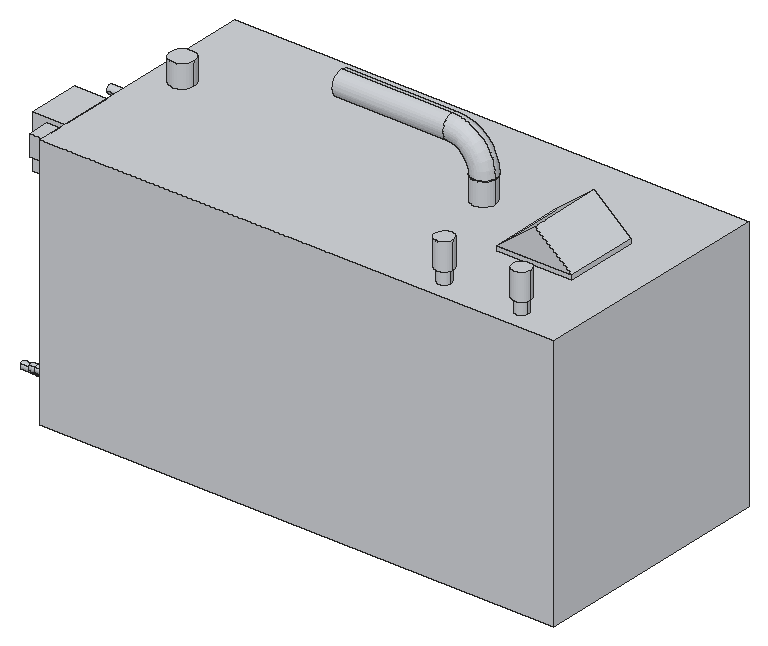
Revit family "AMP_BFIT 3500-4000 Water Heater Dual Fuel 1", category Mechanical Equipment, Revit 2021
Family settings
  Round Connector Dimension = Use Diameter
  Part Type = Normal
  OmniClass Number = 23.75.00.00
  OmniClass Title = Climate Control (HVAC)
  Work Plane-Based = No
  Always vertical = Yes
  Cut with Voids When Loaded = No
  Shared = No
  Room Calculation Point = No
Parameters (values of type "AMP/BFIT 3500-4000 Water Heater Dual Fuel")
  Width = 46"
  Length = 97 1/8"
  Height = 48 3/8"
  Voltage = ""
  Vent = "12\" EZ Vent"
  Manufacturer = "Bryan Steam"  # constant formula
  Hydronic Supply = "4\" Victaulic"
  Hydronic Return = "4\" Victaulic"
  Gas Train (Propane) = "2\" NPT"
  Gas Train (Natural Gas) = "2\" NPT"
  Default Elevation = 0"
  Condensate Trap = "1\" Pipe"
  Boiler Drain = "3/4\" NPT"
  Air Supply = "12\""
Reference planes (in)
  plane 1 "Center (Front/Back)": y = 0
  plane 2: z = 0
  plane 3 "Center (Left/Right)": x = 0
  plane 4 "Vent": y = 3.809
  plane 5 "Condensate Trap": y = -18
  plane 6 "Supply 4" Victualic Elbow Style 10": x = 13.9
  plane 7 "3" Supply Manifold": z = 57.75
  plane 8 "3" Supply Elbow Victaulic Style 10": y = 3.809
  plane 9 "Condensate Height": z = 5.75
  plane 10 "Condensate Angle": through (0, -18, 5.75) normal (0, -0.6203, -0.7843)
Forms (in)
  Extrusion 1, solid
    sketch origin (0, 0, 0) x (1, 0, 0) y (0, 1, 0)
      loop
        line (-48.5625, 23) -> (-48.5625, -23) -> (48.5625, -23) -> (48.5625, 23) -> (-48.5625, 23)
    from 0 to 48.375
  Extrusion 2, solid
    sketch origin (0, 0, 48.375) x (1, 0, 0) y (0, 1, 0)
      loop
        line (25.0565, 7) -> (25.0565, -7) -> (39.1525, -7) -> (39.1525, 7) -> (25.0565, 7)
    from 0 to 0.85156
  Extrusion 3, solid
    sketch origin (39.1525, -7, 48.375) x (-1, 0, 0) y (0, 0, -1)
      loop
        line (14.096, -0.85156) -> (0, -0.85156) -> (7.048, -6.57727) -> (14.096, -0.85156)
    from 0 to -14
  Extrusion 4, solid
    sketch origin (0, 0, 48.375) x (1, 0, 0) y (0, 1, 0)
      loop
        circle (-43.0625, 3.75) r 2.25
      loop
        circle (13.9005, 3.75) r 2.25
    from 0 to 4.25
  Extrusion 5, solid
    sketch origin (-48.5625, -23, 0) x (0, 1, 0) y (0, 0, -1)
      loop
        circle (36.875, -13.125) r 6.25
      loop
        circle (36.875, -13.125) r 6.03
    from 0 to 6.25
  Extrusion 6, solid
    sketch origin (-48.5625, -23, 0) x (0, 1, 0) y (0, 0, -1)
      loop
        line (4.72, -48.187) -> (4.72, -44.187) -> (0.72, -44.187) -> (0.72, -48.187) -> (4.72, -48.187)
    from 0 to 2.48047
  Revolve 7, solid
    sketch origin (0, 3.75, 0) x (-1, 0, 0) y (0, 0, 1)
      loop
        line (56.6875, 30.188) -> (56.37185, 36.21098) -> (46.38555, 35.68762) -> (46.7012, 29.66464) -> (56.6875, 30.188)
      axis (46.7012, 29.66464) -> (56.6875, 30.188)
    angle from 0 to 360
  Extrusion 8, solid
    sketch origin (-48.5625, -23, 0) x (0, 1, 0) y (0, 0, -1)
      loop
        circle (26.75, -42.375) r 0.525
      loop
        circle (26.75, -42.375) r 0.412
    from 0 to 5.75
  Sweep 9, solid
    path origin (0, 3.809, 0) x (-1, 0, 0) y (0, 0, 1)
      loop
        line (-13.96464, 52.625) -> (-13.96464, 52.75)
        arc (-13.96464, 52.75) -> (-12.20729, 56.99264) -> (-7.96464, 58.75) r 6
        line (-7.96464, 58.75) -> (12.9375, 58.75)
    profile origin (12.20729, 3.809, 56.99264) x (0.707107, 0, 0.707107) y (0, 1, 0)
      loop
        circle (0, 0) r 2.25
  Extrusion 10, solid
    sketch origin (-48.5625, -23, 0) x (0, 1, 0) y (0, 0, -1)
      loop
        line (15.875, -48.3125) -> (15.875, -38.3125) -> (5.875, -38.3125) -> (5.875, -48.3125) -> (15.875, -48.3125)
    from 0 to 6.125
  Extrusion 11, solid
    sketch origin (0, 0, 48.375) x (1, 0, 0) y (0, 1, 0)
      loop
        circle (24.6875, -19) r 1.1875
      loop
        circle (39.3125, -19) r 1.1875
    from 0 to 2.5
  Extrusion 12, solid
    sketch origin (0, 0, 50.875) x (1, 0, 0) y (0, 1, 0)
      loop
        circle (24.6875, -19) r 1.6875
      loop
        circle (39.3125, -19) r 1.6875
    from 0 to 5
  Extrusion 13, solid
    sketch origin (-54.3125, -23, 0) x (0, 1, 0) y (0, 0, -1)
      loop
        circle (26.75, -42.375) r 0.75
    from 0 to 2.375
  Sweep 14, solid
    path origin (0, -10.70494, -0.01956) x (0, -0.784343, 0.620327) y (-1, 0, 0)
      loop
        line (9.30187, 48.5625) -> (9.30187, 53)
        arc (9.30187, 53) -> (8.86253, 54.06066) -> (7.80187, 54.5) r 1.5
        line (7.80187, 54.5) -> (4.92687, 54.5)
        arc (4.92687, 54.5) -> (3.86621, 54.93934) -> (3.42687, 56) r 1.5
        line (3.42687, 56) -> (3.42687, 59.4375)
    profile origin (-50.78125, -18.00081, 5.75064) x (0, 0.784343, -0.620327) y (0, -0.620327, -0.784343)
      loop
        circle (0, 0) r 0.6575
  Extrusion 15, solid
    sketch origin (-48.5625, -23, 0) x (0, 1, 0) y (0, 0, -1)
      loop
        line (43.625, -19.875) -> (43.625, -6.375) -> (30.125, -6.375) -> (30.125, -19.875) -> (43.625, -19.875)
    from 0 to 4.625
Dimensions and locks (in)
  "Height": Extrusion 1 to level
  equal spacing: Extrusion 1 sketch curve, plane 3 "Center (Left/Right)", Extrusion 1 sketch curve
  "Length": Extrusion 1 sketch curve to Extrusion 1 sketch curve
  equal spacing: Extrusion 1 sketch curve, plane 1 "Center (Front/Back)", Extrusion 1 sketch curve
  "Width": Extrusion 1 sketch curve to Extrusion 1 sketch curve
  locked: Extrusion 2 sketch curve to Extrusion 1 at 9.41
  locked: Extrusion 2 sketch curve to Extrusion 2 sketch curve at 14.096
  locked: Extrusion 2 sketch curve to Extrusion 2 sketch curve at 14
  locked: Extrusion 2 sketch curve to Extrusion 1 at 16
  locked: Extrusion 1 to Extrusion 4 sketch curve at 19.25  (x2)
  locked: Extrusion 1 to Extrusion 5 sketch curve at 13.125
  locked: Extrusion 1 to Extrusion 5 sketch curve at 9.125
  level to plane 7 "3" Supply Manifold" = 57 3/4"
  plane 3 "Center (Left/Right)" to plane 6 "Supply 4" Victualic Elbow Style 10" = 13.9"
  locked: plane 8 "3" Supply Elbow Victaulic Style 10" to plane 1 "Center (Front/Back)" at 3.809
  locked: plane 4 "Vent" to plane 1 "Center (Front/Back)" at 3.809
  locked: plane 5 "Condensate Trap" to plane 1 "Center (Front/Back)" at 18
  locked: Extrusion 6 sketch curve to Extrusion 6 sketch curve at 4  (x2)
  Revolve 7 sketch curve to Revolve 7 sketch curve = 6 1/32"
  Extrusion 1 to Extrusion 8 sketch curve = 42 3/8"
  equal spacing: Extrusion 1, Extrusion 8 sketch curve, Extrusion 8 sketch curve  (x2)
  locked: Extrusion 1 to Extrusion 8 sketch curve at 19.25
  locked: Extrusion 1 to Extrusion 4 sketch curve at 5.5
  locked: Extrusion 4 sketch curve to Extrusion 1 at 34.662
  locked: Extrusion 1 to Sweep 9 sketch curve at 35.625
  locked: Extrusion 1 to Sweep 9 sketch curve at 10.375
  Extrusion 1 to Extrusion 5 sketch curve = 13 1/8"
  Extrusion 1 to Extrusion 5 sketch curve = 9 1/8"
  locked: Revolve 7 sketch curve to Extrusion 1 at 8.125
  Extrusion 1 to Revolve 7 sketch curve = 30.188"
  locked: Extrusion 10 sketch curve to Extrusion 1 at 0.0625
  locked: Extrusion 10 sketch curve to Extrusion 10 sketch curve at 10  (x2)
  locked: Extrusion 10 sketch curve to Extrusion 1 at 5.875
  locked: Extrusion 1 to Extrusion 11 sketch curve at 4  (x2)
  locked: Extrusion 11 sketch curve to Extrusion 1 at 23.875
  locked: Extrusion 12 sketch curve to Extrusion 1 at 23.875
  locked: Extrusion 1 to Extrusion 12 sketch curve at 4  (x2)
  Extrusion 1 to Extrusion 13 sketch curve = 6"
  Extrusion 1 to Extrusion 13 sketch curve = 19 1/4"
  locked: Extrusion 11 sketch curve to Extrusion 1 at 9.25
  locked: Extrusion 12 sketch curve to Extrusion 1 at 9.25
  locked: plane 9 "Condensate Height" to level at 5.75
  locked: Sweep 14 sketch curve to Extrusion 1 at 5.9375
  locked: Sweep 14 sketch curve to Extrusion 1 at 10.875
  locked: Sweep 14 sketch curve to Sweep 14 sketch curve at 5.875
  locked: Extrusion 15 sketch curve to Extrusion 15 sketch curve at 13.5  (x2)
  locked: Extrusion 1 to Extrusion 15 sketch curve at 2.375
  locked: Extrusion 15 sketch curve to Extrusion 1 at 6.375
  radius of Sweep 9 sketch curve = 6"
  diameter of Extrusion 11 sketch curve = 2 3/8"  (x2)
  diameter of Extrusion 12 sketch curve = 3 3/8"  (x2)
  diameter of Extrusion 13 sketch curve = 1 1/2"
  diameter of Sweep 14 sketch curve = 1.315"
  locked: plane 9 "Condensate Height" to plane 10 "Condensate Angle" (angle 38.34°)
  aligned and locked: level to plane 2
Automatic sketch dimensions
  Extrusion 3 sketch curve to Extrusion 2 = 0"  (x3)
  Extrusion 3 sketch curve to Extrusion 2 = 7.048"
  Extrusion 3 sketch curve to Extrusion 2 = 5.72571"
  Revolve 7 sketch curve to Revolve 7 sketch curve = 6.32392"
  Revolve 7 sketch curve to Revolve 7 sketch curve = 0"  (x2)
  Extrusion 1 to Extrusion 6 sketch curve = 0.188"
  Extrusion 6 sketch curve to Extrusion 1 = 0.72"
  Revolve 7 sketch curve to plane 7 "3" Supply Manifold" = 28.08536"
  Revolve 7 sketch curve to Revolve 7 sketch curve = 0.31565"
  Extrusion 8 sketch curve to Extrusion 8 sketch curve = 0"  (x2)
  Sweep 9 sketch curve to plane 8 "3" Supply Elbow Victaulic Style 10" = 0"
  Sweep 9 sketch curve to profile plane = 0"
  Sweep 9 sketch curve to plane 6 "Supply 4" Victualic Elbow Style 10" = 5.93536"
  Sweep 9 sketch curve to Sweep 9 sketch curve = 1/8"
  Sweep 14 sketch curve to plane 3 "Center (Left/Right)" = 56"
  Sweep 14 sketch curve to Sweep 14 sketch curve = 2 7/8"
  Sweep 14 sketch curve to Sweep 14 sketch curve = 4 7/16"
  plane 10 "Condensate Angle" to Sweep 14 sketch curve = 0"
  Sweep 14 sketch curve to profile plane = 0"
  radius of Extrusion 5 sketch curve = 6 1/4"
  radius of Extrusion 5 sketch curve = 6.03"
  radius of Extrusion 8 sketch curve = 0.412"
  radius of Extrusion 8 sketch curve = 0.525"
  radius of Extrusion 4 sketch curve = 2 1/4"  (x2)
  radius of Sweep 9 sketch curve = 2 1/4"
Connectors (in)
  piping at (-43.0625, 3.75, 52.625), diameter 4
    settings: on Extrusion 4, index 2, connector inside diameter 24", connector length 0", flow factor 0, pipe flow 0 GPM, pressure drop 0.00 psi, fitting loss kfactor 0, connector angle 0.00°, fixture units 0, engagement length 0", angle of deflection 0.00°, flow configuration 0, flow direction 1, fitting loss method 0, system type 8, joint type 0, gender type 0, connector reference index -1, connector utility 0, adjustable connector no, is connector primary yes, connector description ""
  piping at (-54.8125, 13.875, 13.125), diameter 12
    settings: on Extrusion 5, index 4, connector inside diameter 24", connector length 0", flow factor 0, pipe flow 0 GPM, pressure drop 0.00 psi, fitting loss kfactor 0, connector angle 0.00°, fixture units 0, engagement length 0", angle of deflection 0.00°, flow configuration 0, flow direction 1, fitting loss method 0, system type 22, joint type 0, gender type 0, connector reference index -1, connector utility 0, adjustable connector no, is connector primary no, connector description ""
  piping at (-12.9375, 3.809, 58.75), diameter 4
    settings: on Sweep 9, index 7, connector inside diameter 24", connector length 0", flow factor 0, pipe flow 0 GPM, pressure drop 0.00 psi, fitting loss kfactor 0, connector angle 0.00°, fixture units 0, engagement length 0", angle of deflection 0.00°, flow configuration 0, flow direction 2, fitting loss method 0, system type 7, joint type 0, gender type 0, connector reference index -1, connector utility 0, adjustable connector no, is connector primary no, connector description ""
  piping at (-56.6875, 3.75, 30.188), diameter 12
    settings: on Revolve 7, index 9, connector inside diameter 24", connector length 0", flow factor 0, pipe flow 0 GPM, pressure drop 0.00 psi, fitting loss kfactor 0, connector angle 0.00°, fixture units 0, engagement length 0", angle of deflection 0.00°, flow configuration 0, flow direction 2, fitting loss method 0, system type 17, joint type 0, gender type 0, connector reference index -1, connector utility 0, adjustable connector no, is connector primary no, connector description ""
  piping at (24.6875, -19, 55.875), diameter 2
    settings: on Extrusion 12, index 10, connector inside diameter 24", connector length 0", flow factor 0, pipe flow 0 GPM, pressure drop 0.00 psi, fitting loss kfactor 0, connector angle 0.00°, fixture units 0, engagement length 0", angle of deflection 0.00°, flow configuration 0, flow direction 1, fitting loss method 0, system type 22, joint type 0, gender type 0, connector reference index -1, connector utility 0, adjustable connector no, is connector primary no, connector description ""
  piping at (-56.6875, 3.75, 42.375), diameter 0.75
    settings: on Extrusion 13, index 11, connector inside diameter 24", connector length 0", flow factor 0, pipe flow 0 GPM, pressure drop 0.00 psi, fitting loss kfactor 0, connector angle 0.00°, fixture units 0, engagement length 0", angle of deflection 0.00°, flow configuration 0, flow direction 2, fitting loss method 0, system type 22, joint type 0, gender type 0, connector reference index -1, connector utility 0, adjustable connector no, is connector primary no, connector description ""
  piping at (39.3125, -19, 55.875), diameter 2
    settings: on Extrusion 12, index 12, connector inside diameter 24", connector length 0", flow factor 0, pipe flow 0 GPM, pressure drop 0.00 psi, fitting loss kfactor 0, connector angle 0.00°, fixture units 0, engagement length 0", angle of deflection 0.00°, flow configuration 0, flow direction 1, fitting loss method 0, system type 22, joint type 0, gender type 0, connector reference index -1, connector utility 0, adjustable connector no, is connector primary no, connector description ""
  piping at (-59.4375, -13.39279, 2.10622), diameter 1
    settings: on Sweep 14, index 13, connector inside diameter 24", connector length 0", flow factor 0, pipe flow 0 GPM, pressure drop 0.00 psi, fitting loss kfactor 0, connector angle 0.00°, fixture units 0, engagement length 0", angle of deflection 0.00°, flow configuration 0, flow direction 2, fitting loss method 0, system type 22, joint type 0, gender type 0, connector reference index -1, connector utility 0, adjustable connector no, is connector primary no, connector description ""
